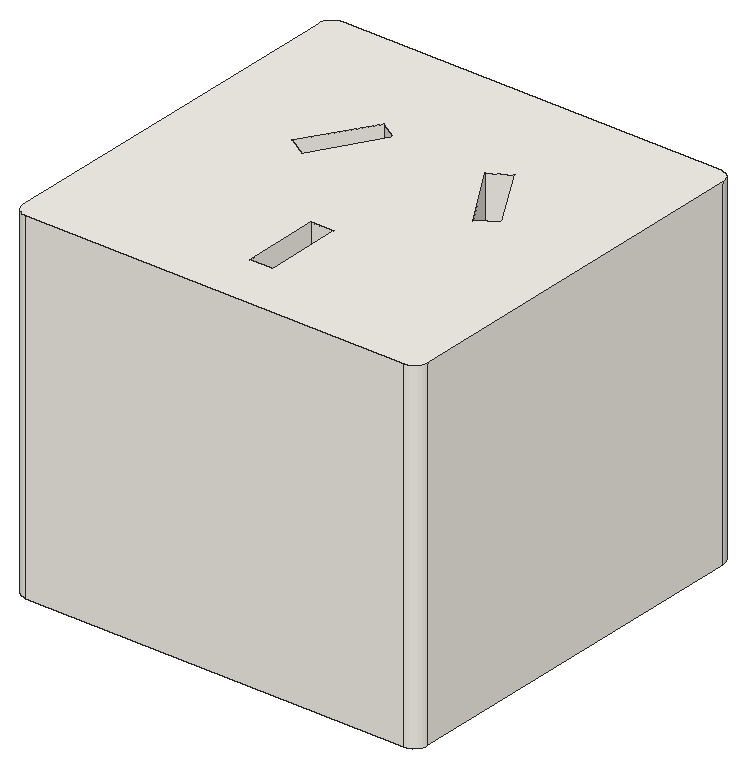
Revit family "Domotics-DomesticRanges-GEWISS-CHORUS_POWER-SOCKET-OUTLET_ARG", category Apparecchi elettrici, host Superficie, Revit 2016
Family settings
  Host = Superficie
  Mantenere orientamento annotazione = Sì
  Tipo di parte = Normale
  Quota connettore circolare = Usa diametro
  Taglio con vuoti quando caricato = Sì
  Condiviso = Sì
  Punto di calcolo locali = Sì
Parameters (values of type "GW14301 - Socket outlet 2M 2P+E 10A argentine standard titanium")
  Wiring terminals = "With screw"
  Voltage: = "250 V ac"
  Voltage = "250 V ac"
  Volt = 230 V
  Vista in pianta [instance] = yes
  Version file RFA = "19.0"
  URL = "https://www.gewiss.com/ww/en"
  Tipo = System Prese Argentina_GENERICO : GW14301 Presa 2M 2P+T 10A standard Argentino titanio
  Thermo-pressure with ball = "125 °C"
  Terminal tightening capacity rigid cables (mm2) = "min. 0,5 - max. 2x2,5"
  Terminal tightening capacity flexible cables (mm2) = "min. 0,75 - max. 2x4"
  Terminal grip on cable traction = "> 50 N"
  Technical sheet = "https://www.gewiss.com/ww/en/search?q=GW14301"
  TXT ELETTRICO = "10"
  Standard; = "IEC 60884-1"
  Standard: = "Argentinian"
  Standard = "Argentinian"
  Simbolo [instance] = yes
  SEO = "Socket outlet"
  Resistance at test voltage = "2000 V at 50 Hz for 1 minute"
  Realized by GEWISS S.p.A. = ""
  Default Elevation = 1219.2 mm
  Prolonged operation (no.of position changes) = "10.000 at In 250 V ac cosØ=0,8"
  Produttore = "GEWISS S.p.A."
  Offset presa [instance] = 0 mm
  Offset bidimensionale [instance] = 2 mm
  No. Chorus modules: = "2"
  No. Chorus modules = "2"
  N. poli = 1
  Modello = "GW14301"
  Insulation resistance = "> 5 MOhm"
  Immagine tipo = GW14301.jpg
  IFC.TypeObject = ""
  IFC.ExportType = ""
  IFC.ExportAs = ""
  IDT = "5e5e459c-c2bd-42da-9c95-6baae7853961"
  IDF = "5d799df3-2935-46bf-9deb-6dd1d7eb8d34"
  Glow Wire Test = "850°C"
  For plug pins = "Flat"
  Electrocod = "0131"
  EAN code = "8011564266452"
  Distanza_x [instance] = 0 mm
  Distanza_effettiva_x [instance] = 1000 mm - Distanza_x  # 1000 mm
  Descrizione = "SOCKET 2M 2P+E 10A ARG STANDARD TITANIUM"
  Description: = "2P+E - 10A"
  Description. = "Socket-outlet"
  Colour = "Titanium"
  Category = "Socket-outlet"
  Catalogue Range = "CHORUS - DOMESTIC RANGE"
  Catalogue = "DOMOTICS"
  Carico apparente = 0 VA
  COBie.Tagnumber = ""
  COBie.CreatedOn = ""
  COBie.CreatebBy = ""
  COBie.ComponentRegisterItemID = ""
  COBie.Component.TagNumber = ""
  COBie.Component.Space = ""
  COBie.Component.SerialNumber = ""
  COBie.Component.InstallationDate = ""
  COBie.Component.Description = ""
  COBie.Component.BarCode = ""
  Breaking capacity: = "1.25 In (100 position changes)"
Types (3, lengths in mm): name | Tipo | Technical sheet | Modello | Immagine tipo | IDT | EAN code | Descrizione | Colour
  GW10301 - Socket outlet 2M 2P+E 10A argentine standard white | System Prese Argentina_GENERICO : GW14301 Presa 2M 2P+T 10A standard Argentino titanio | "https://www.gewiss.com/ww/en/search?q=GW10301" | "GW10301" | GW14301.jpg | "d9fec1c2-c8af-44ba-9417-837ad400720b" | "8011564258006" | "S. OUTLET 2M 2P+E 10A ARG ST WHITE" | "White"
  GW12301 - Socket outlet 2M 2P+E 10A argentine standard black | System Prese Argentina_GENERICO : GW12301 Presa 2M 2P+T 10A standard Argentino nero | "https://www.gewiss.com/ww/en/search?q=GW12301" | "GW12301" | GW12301.jpg | "c4b3dc22-5904-487d-83f4-be301a586233" | "8011564266971" | "SOCKET 2M 2P+E 10A ARG STANDARD BLACK" | "Black"
  GW14301 - Socket outlet 2M 2P+E 10A argentine standard titanium | System Prese Argentina_GENERICO : GW14301 Presa 2M 2P+T 10A standard Argentino titanio | "https://www.gewiss.com/ww/en/search?q=GW14301" | "GW14301" | GW14301.jpg | "5e5e459c-c2bd-42da-9c95-6baae7853961" | "8011564266452" | "SOCKET 2M 2P+E 10A ARG STANDARD TITANIUM" | "Titanium"
Reference planes
  plane 1 "Centro (Fronte/Retro)": y = 0
  plane 2: z = 0
  plane 3 "Centro (Sinistra/Destra)": x = 0
  plane 4: x = -1000
  plane 5: x = 0
  plane 6: z = 0
  plane 7: z = 41
  plane 8: z = 39
Lines and regions (mm)
  Masking region 1, visible <- "Vista in pianta"
    outline origin (0, 0, 0) x (1, 0, 0) y (0, 1, 0)
      loop
        line (-23, 21) -> (-23, -21)
        arc (-23, -21) -> (-22.561, -22.061) -> (-21.5, -22.5) r 1.5
        line (-21.5, -22.5) -> (21.5, -22.5)
        arc (21.5, -22.5) -> (22.561, -22.061) -> (23, -21) r 1.5
        line (23, -21) -> (23, 21)
        arc (23, 21) -> (22.561, 22.061) -> (21.5, 22.5) r 1.5
        line (21.5, 22.5) -> (-21.5, 22.5)
        arc (-21.5, 22.5) -> (-22.561, 22.061) -> (-23, 21) r 1.5
      loop
        line (-1.049, -7.548) -> (-1.049, -16.277) -> (1.586, -16.277) -> (1.586, -7.548) -> (-1.049, -7.548)
      loop
        line (-9.447, 1.655) -> (-4.894, 9.102) -> (-7.143, 10.476) -> (-11.696, 3.029) -> (-9.447, 1.655)
      loop
        line (7.679, 10.476) -> (5.431, 9.102) -> (9.984, 1.655) -> (12.232, 3.029) -> (7.679, 10.476)
  Masking region 2, visible <- "Vista in pianta"
    outline origin (0, 0, 0) x (1, 0, 0) y (0, 0, 1)
      loop
        line (-23, 39) -> (-23, 0) -> (23, 0) -> (23, 39) -> (-23, 39)
  Masking region 3, visible <- "Vista in pianta"
    outline origin (0, 0, 0) x (0, 1, 0) y (0, 0, 1)
      loop
        line (-22.5, 39) -> (-22.5, 0) -> (22.5, 0) -> (22.5, 39) -> (-22.5, 39)
Dimensions and locks
  plane 4 to plane 3 "Centro (Sinistra/Destra)" = 1000 mm
  "Distanza_effettiva_x": plane 4 to plane 5
  "Offset presa": plane 6 to host face
  locked: plane 8 to plane 6 at 39
  "Offset bidimensionale": plane 7 to plane 8
  aligned and locked: plane 2 to host face
  aligned and locked: level to host face
  aligned and locked: plane 5 to nested 2
  aligned and locked: plane 1 "Centro (Fronte/Retro)" to nested 1
  aligned and locked: plane 3 "Centro (Sinistra/Destra)" to nested 1
  aligned and locked: nested 1 to plane 6
  aligned and locked: nested 1 to plane 8
  aligned and locked: Masking region 1 sketch curve to nested 1  (x4)
  aligned and locked: Masking region 2 sketch curve to nested 1  (x2)
  aligned and locked: plane 8 to Masking region 2 sketch curve
  aligned and locked: plane 6 to Masking region 2 sketch curve
  aligned and locked: Masking region 3 sketch curve to nested 1  (x2)
  aligned and locked: plane 8 to Masking region 3 sketch curve
  aligned and locked: plane 6 to Masking region 3 sketch curve
  aligned and locked: plane 7 to import instance
Automatic sketch dimensions
  host sketch curve to host sketch curve = 2438.4 mm  (x2)
  Masking region 1 sketch curve to Masking region 1 sketch curve = 1.5 mm  (x4)
  Masking region 1 sketch curve to plane 3 "Centro (Sinistra/Destra)" = 1.049 mm
  plane 1 "Centro (Fronte/Retro)" to Masking region 1 sketch curve = 7.548 mm
  plane 3 "Centro (Sinistra/Destra)" to Masking region 1 sketch curve = 1.586 mm
  Masking region 1 sketch curve to Masking region 1 sketch curve = 8.729 mm
  Masking region 1 sketch curve to plane 3 "Centro (Sinistra/Destra)" = 7.143 mm
  Masking region 1 sketch curve to Masking region 1 sketch curve = 2.248 mm  (x2)
  Masking region 1 sketch curve to plane 1 "Centro (Fronte/Retro)" = 9.102 mm
  Masking region 1 sketch curve to Masking region 1 sketch curve = 1.374 mm
  Masking region 1 sketch curve to plane 1 "Centro (Fronte/Retro)" = 1.655 mm  (x2)
  plane 3 "Centro (Sinistra/Destra)" to Masking region 1 sketch curve = 7.679 mm
  Masking region 1 sketch curve to plane 1 "Centro (Fronte/Retro)" = 3.029 mm
  Masking region 1 sketch curve to Masking region 1 sketch curve = 4.553 mm
Nested families
  nested 1: "System Prese Argentina_GENERICO" at (0, 0, 0), type <- "Tipo", type "GW14301 Presa 2M 2P+T 10A standard Argentino titanio", detail levels medium+fine
  nested 2: "SIMBOLO PRESE" at (0, 100, 0), TESTO ELETTRICO <- "TXT ELETTRICO", SIMBOLO <- "Simbolo", type "PRESA"
    with TESTO ELETTRICO "10", SIMBOLO yes, Distanza dal muro 4.208 mm, BORDO ACCESO yes
Connectors
  electrical at (0, 0, 0), driven by "N. poli", driven by "Volt", driven by "Carico apparente"
    settings: on nested 1, index 1, voltage 230 V, apparent load 0 VA, apparent load phase1 0 VA, apparent load phase2 0 VA, apparent load phase3 0 VA, power factor 1, load classification "Altro", number of poles 1, system type 31, power factor state 1, is connector primary yes, connector utility no, sub classification motor no, connector description ""
Definition of nested family "System Prese Argentina_GENERICO"
  Parameters (values of type "GW12301 Presa 2M 2P+T 10A standard Argentino nero")
    Profondità presa = 39 mm
    Finitura Prese Israele = none
    Altezza da Terra = 750 mm
  Types (3): name
    GW10301 Presa 2M 2P+T 10A standard Argentino bianco
    GW14301 Presa 2M 2P+T 10A standard Argentino titanio
    GW12301 Presa 2M 2P+T 10A standard Argentino nero
  Reference planes
    plane 1 "Centro (Fronte/Retro)": y = 0
    plane 2: z = 0
    plane 3 "Centro (Sinistra/Destra)": x = 0
    plane 4: x = -23
    plane 5: x = 23
    plane 6: z = 34
    plane 7: z = 36.5
    plane 8: z = 39
  Forms (mm)
    Extrusion 1, solid, material <- "Finitura Prese Israele"
      sketch origin (0, -772.5, 39) x (1, 0, 0) y (0, 1, 0)
        loop
          arc (-21.5, 795) -> (-22.561, 794.561) -> (-23, 793.5) r 1.5
          line (-23, 793.5) -> (-23, 751.5)
          arc (-23, 751.5) -> (-22.561, 750.439) -> (-21.5, 750) r 1.5
          line (-21.5, 750) -> (21.5, 750)
          arc (21.5, 750) -> (22.561, 750.439) -> (23, 751.5) r 1.5
          line (23, 751.5) -> (23, 793.5)
          arc (23, 793.5) -> (22.561, 794.561) -> (21.5, 795) r 1.5
          line (21.5, 795) -> (-21.5, 795)
      from 0 to -39
    Extrusion 2, void
      sketch origin (0, -772.5, 39) x (1, 0, 0) y (0, 1, 0)
        loop
          line (7.679, 782.976) -> (5.431, 781.602) -> (9.984, 774.155) -> (12.232, 775.529) -> (7.679, 782.976)
        loop
          line (-7.143, 782.976) -> (-11.696, 775.529) -> (-9.447, 774.155) -> (-4.894, 781.602) -> (-7.143, 782.976)
        loop
          line (-1.049, 764.952) -> (-1.049, 756.223) -> (1.586, 756.223) -> (1.586, 764.952) -> (-1.049, 764.952)
      from 0 to -5
  Cuts and joins
    Extrusion 2 cuts Extrusion 1
  Dimensions and locks
    locked: plane 4 to plane 5 at 46
    "Profondità presa": plane 8 to level
    aligned and locked: level to plane 2
    aligned and locked: cut or joined group of Extrusion 1, Extrusion 2 to plane 4
    aligned and locked: plane 5 to cut or joined group of Extrusion 1, Extrusion 2
    aligned and locked: Extrusion 1 to level
  Automatic sketch dimensions
    Extrusion 1 sketch curve to plane 4 = 0 mm
    Extrusion 1 sketch curve to plane 5 = 0 mm
    plane 4 to Extrusion 1 sketch curve = 1.5 mm  (x2)
    Extrusion 1 sketch curve to plane 5 = 1.5 mm  (x2)
    plane 1 "Centro (Fronte/Retro)" to Extrusion 1 sketch curve = 22.5 mm
    Extrusion 1 sketch curve to plane 1 "Centro (Fronte/Retro)" = 21 mm
    plane 4 to Extrusion 2 sketch curve = 11.304 mm
    Extrusion 2 sketch curve to plane 1 "Centro (Fronte/Retro)" = 1.655 mm  (x2)
    Extrusion 2 sketch curve to Extrusion 2 sketch curve = 2.248 mm  (x2)
    Extrusion 2 sketch curve to plane 3 "Centro (Sinistra/Destra)" = 7.143 mm
    Extrusion 2 sketch curve to plane 3 "Centro (Sinistra/Destra)" = 1.049 mm
    plane 3 "Centro (Sinistra/Destra)" to Extrusion 2 sketch curve = 1.586 mm
    plane 3 "Centro (Sinistra/Destra)" to Extrusion 2 sketch curve = 5.431 mm
    Extrusion 2 sketch curve to Extrusion 2 sketch curve = 4.553 mm
    plane 1 "Centro (Fronte/Retro)" to Extrusion 2 sketch curve = 7.548 mm
    Extrusion 2 sketch curve to Extrusion 2 sketch curve = 8.729 mm
    Extrusion 2 sketch curve to Extrusion 2 sketch curve = 1.374 mm  (x2)
Definition of nested family "SIMBOLO PRESE"
  Parameters (values of type "PRESA")
    TESTO ELETTRICO [instance] = "TXT"
    Simbolo = SIMBOLO PRESE_BASE : PRESA
    SIMBOLO [instance] = yes
    Distanza dal muro [instance] = 4.208 mm
    BORDO ACCESO [instance] = yes
  Reference planes
    plane 1: y = 0
    plane 2: x = 0
  Dimensions and locks
    aligned and locked: plane 2 to nested 1
  Nested families
    nested 1: "SIMBOLO PRESE_BASE" at (0, 0, 0), type <- "Simbolo", TESTO ELETTRICO <- "TESTO ELETTRICO", BORDO ACCESO <- "BORDO ACCESO", visible <- "SIMBOLO", type "PRESA"
      with TESTO ELETTRICO "TXT", BORDO ACCESO yes
  Definition of nested family "SIMBOLO PRESE_BASE"
    Parameters (values of type "PRESA")
      TESTO ELETTRICO [instance] = "TXT"
      Distanza dal muro = 4.208 mm
      BORDO ACCESO [instance] = yes
    Reference planes
      plane 1: y = 0
      plane 2: x = 0
    Lines and regions (mm)
      detail lines, visible <- "BORDO ACCESO", not visible
        curve 1: line (-1.743, 9.208, 0) -> (2.057, 9.208, 0)
        curve 2: line (2.057, 9.208, 0) -> (2.057, 4.208, 0)
        curve 3: line (2.057, 4.208, 0) -> (-1.743, 4.208, 0)
        curve 4: line (-1.743, 4.208, 0) -> (-1.743, 9.208, 0)
        curve 5: line (-1.543, 9.008, 0) -> (1.857, 9.008, 0)
        curve 6: line (1.857, 9.008, 0) -> (1.857, 4.408, 0)
        curve 7: line (1.857, 4.408, 0) -> (-1.543, 4.408, 0)
        curve 8: line (-1.543, 4.408, 0) -> (-1.543, 9.008, 0)
      detail lines
        curve 9: line (0.783, 1.133, 0) -> (-0.783, 1.133, 0)
        curve 10: line (0, 1.133, 0) -> (0, 0.349, 0)
        curve 11: arc (-0.783, 1.916, 0) -> (0, 1.133, 0) -> (0.783, 1.916, 0) r 0.783
    Text (mm)
      label "TXT" at (0.016, 1.578, 0), shows "TESTO ELETTRICO"
